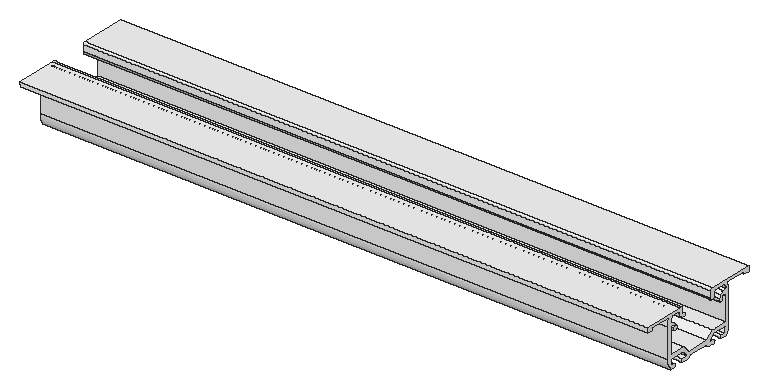
Revit family "ARKOSLIGHT_Track 1L Recessed", category Lighting Fixtures, host Face, Revit 2019
Family settings
  Host = Face
  Round Connector Dimension = Use Diameter
  Part Type = Normal
  Cut with Voids When Loaded = No
  Light Source = No
  Shared = No
  Room Calculation Point = No
Parameters (values of type "A2641X00B - TRACK 1L RECESSED XM B")
  URL = "https://www.arkoslight.com/en/product/acctrack1l-es/"
  Model = ARKOSLIGHT_Model  # "ACCESSORIES"
  Manufacturer = "ARKOSLIGHT"  # constant formula
  Length [instance] = 250 mm
  Description = "Select the number and length of profiles suitable for the defined length"
  ARKOSLIGHT_Series = "ACCESORIOS TRACK 1L"  # constant formula
  ARKOSLIGHT_Reference = "A2641X00B"
  ARKOSLIGHT_Model = "ACCESSORIES"  # constant formula
  ARKOSLIGHT_Dimming = "No"  # constant formula
  ARKOSLIGHT_Color = "White"
  ARKOSLIGHT_Fixture Type = "ACCESSORIES"  # constant formula
  Default Elevation = 0 mm
  Apparent Load = 0 VA  # constant formula
  ARKOSLIGHT_Body Color = ARKOSLIGHT_White
Types (2, lengths in mm): name | ARKOSLIGHT_Color | ARKOSLIGHT_Body Color
  A2641X00B - TRACK 1L RECESSED XM B | "White" | ARKOSLIGHT_White
  A2641X00N - TRACK 1L RECESSED XM N | "Black" | ARKOSLIGHT_Black
Reference planes
  plane 1 "Center (Front/Back)": y = 0
  plane 2: z = 0
  plane 3 "Center (Left/Right)": x = 0
  plane 4: x = 125
  plane 5: x = -125
  plane 6: y = 15
  plane 7: y = -15
  plane 8: z = 2
  plane 9: y = 25
  plane 10: y = -25
Forms (mm)
  Extrusion 1, solid, material "ARKOSLIGHT_White" <- "ARKOSLIGHT_Body Color"
    sketch origin (-125, -221.408, 1198.001) x (0, -1, 0) y (0, 0, -1)
      loop
        arc (-236.408, 1200.001) -> (-236.268, 1198.524) -> (-235.854, 1197.101) r 7.869
        line (-235.854, 1197.101) -> (-244.408, 1197.101) -> (-244.408, 1198.001) -> (-246.408, 1198.001) -> (-246.408, 1196.001) -> (-228.553, 1196.001)
        arc (-228.553, 1196.001) -> (-228.097, 1196.189) -> (-227.908, 1196.645) r 0.645
        line (-227.908, 1196.645) -> (-227.908, 1199.421)
        arc (-227.908, 1199.421) -> (-228.508, 1200.021) -> (-229.108, 1199.421) r 0.6
        line (-229.108, 1199.421) -> (-229.108, 1197.8)
        arc (-229.108, 1197.8) -> (-229.283, 1197.376) -> (-229.708, 1197.2) r 0.6
        line (-229.708, 1197.2) -> (-234.52, 1197.2) -> (-235.011, 1198.808)
        arc (-235.011, 1198.808) -> (-234.737, 1199.318) -> (-234.194, 1199.519) r 0.817
        arc (-234.194, 1199.519) -> (-233.494, 1199.912) -> (-232.922, 1200.477) r 3.018
        arc (-232.922, 1200.477) -> (-232.602, 1200.972) -> (-232.35, 1201.504) r 4.433
        arc (-232.35, 1201.504) -> (-232.198, 1202.086) -> (-232.522, 1202.592) r 0.751
        arc (-232.522, 1202.592) -> (-233.264, 1202.579) -> (-233.277, 1201.837) r 0.534
        arc (-233.277, 1201.837) -> (-233.285, 1200.974) -> (-233.961, 1200.435) r 1.005
        arc (-233.961, 1200.435) -> (-234.772, 1200.771) -> (-235.108, 1201.582) r 1.147
        line (-235.108, 1201.582) -> (-235.108, 1210.8) -> (-228.608, 1210.8) -> (-225.908, 1213.5) -> (-216.907, 1213.5) -> (-214.207, 1210.8) -> (-207.707, 1210.8) -> (-207.707, 1201.582)
        arc (-207.707, 1201.582) -> (-208.043, 1200.771) -> (-208.854, 1200.435) r 1.147
        arc (-208.854, 1200.435) -> (-209.53, 1200.974) -> (-209.538, 1201.837) r 1.005
        arc (-209.538, 1201.837) -> (-209.551, 1202.579) -> (-210.293, 1202.592) r 0.534
        arc (-210.293, 1202.592) -> (-210.617, 1202.086) -> (-210.465, 1201.504) r 0.751
        arc (-210.465, 1201.504) -> (-210.213, 1200.972) -> (-209.893, 1200.477) r 4.433
        arc (-209.893, 1200.477) -> (-209.321, 1199.912) -> (-208.621, 1199.519) r 3.018
        arc (-208.621, 1199.519) -> (-208.078, 1199.318) -> (-207.804, 1198.808) r 0.817
        line (-207.804, 1198.808) -> (-208.295, 1197.187) -> (-211.625, 1197.187)
        arc (-211.625, 1197.187) -> (-212.045, 1197.361) -> (-212.219, 1197.781) r 0.594
        arc (-212.219, 1197.781) -> (-212.733, 1199.343) -> (-214.307, 1199.816) r 1.778
        arc (-214.307, 1199.816) -> (-214.915, 1199.208) -> (-214.307, 1198.6) r 0.608
        line (-214.307, 1198.6) -> (-213.423, 1198.6) -> (-213.423, 1196.645)
        arc (-213.423, 1196.645) -> (-213.234, 1196.189) -> (-212.778, 1196.001) r 0.645
        line (-212.778, 1196.001) -> (-196.408, 1196.001) -> (-196.408, 1198.001) -> (-198.408, 1198.001) -> (-198.408, 1197.101) -> (-206.961, 1197.101)
        arc (-206.961, 1197.101) -> (-206.547, 1198.524) -> (-206.408, 1200.001) r 7.869
        line (-206.408, 1200.001) -> (-206.408, 1212)
        arc (-206.408, 1212) -> (-206.741, 1214.103) -> (-207.707, 1216) r 6.804
        line (-207.707, 1216) -> (-209.379, 1216)
        arc (-209.379, 1216) -> (-210.029, 1215.35) -> (-209.379, 1214.7) r 0.65
        line (-209.379, 1214.7) -> (-208.32, 1214.7)
        arc (-208.32, 1214.7) -> (-207.883, 1213.531) -> (-207.679, 1212.3) r 6.441
        line (-207.679, 1212.3) -> (-213.586, 1212.3) -> (-215.986, 1214.7) -> (-213.97, 1214.7)
        arc (-213.97, 1214.7) -> (-213.32, 1215.35) -> (-213.97, 1216) r 0.65
        line (-213.97, 1216) -> (-215.59, 1216)
        arc (-215.59, 1216) -> (-216.573, 1215.731) -> (-217.282, 1215) r 1.932
        line (-217.282, 1215) -> (-225.533, 1215)
        arc (-225.533, 1215) -> (-226.242, 1215.731) -> (-227.225, 1216) r 1.932
        line (-227.225, 1216) -> (-228.845, 1216)
        arc (-228.845, 1216) -> (-229.495, 1215.35) -> (-228.845, 1214.7) r 0.65
        line (-228.845, 1214.7) -> (-226.829, 1214.7) -> (-229.229, 1212.3) -> (-235.136, 1212.3)
        arc (-235.136, 1212.3) -> (-234.932, 1213.531) -> (-234.495, 1214.7) r 6.441
        line (-234.495, 1214.7) -> (-233.436, 1214.7)
        arc (-233.436, 1214.7) -> (-232.786, 1215.35) -> (-233.436, 1216) r 0.65
        line (-233.436, 1216) -> (-235.108, 1216)
        arc (-235.108, 1216) -> (-236.074, 1214.103) -> (-236.408, 1212) r 6.804
        line (-236.408, 1212) -> (-236.408, 1200.001)
    from 0 to 250
  Extrusion 2, void
    sketch origin (0, 0, 0) x (1, 0, 0) y (0, 1, 0)
      loop
        line (-125, 15) -> (-125, -15) -> (125, -15) -> (125, 15) -> (-125, 15)
    from 0 to -25
Dimensions and locks
  "Length": plane 5 to plane 4
  equal spacing: plane 5, plane 3 "Center (Left/Right)", plane 4
  equal spacing: plane 6, plane 1 "Center (Front/Back)", plane 7
  locked: plane 6 to plane 7 at 30
  locked: plane 8 to plane 2 at 2
  equal spacing: plane 10, plane 1 "Center (Front/Back)", plane 9
  locked: plane 10 to plane 9 at 50
  aligned and locked: plane 2 to host face
  aligned and locked: level to host face
  aligned and locked: Extrusion 2 sketch curve to plane 6
  aligned and locked: plane 5 to Extrusion 2 sketch curve
  aligned and locked: plane 7 to Extrusion 2 sketch curve
  aligned and locked: plane 4 to Extrusion 2 sketch curve
  aligned and locked: Extrusion 1 to plane 4
Automatic sketch dimensions
  host sketch curve to host sketch curve = 1677.042 mm
  host sketch curve to host sketch curve = 1105.173 mm
  Extrusion 1 sketch curve to plane 6 = 0 mm
  Extrusion 1 sketch curve to plane 7 = 0 mm
  Extrusion 1 sketch curve to plane 6 = 0.067 mm
  plane 8 to Extrusion 1 sketch curve = 1.1 mm
  Extrusion 1 sketch curve to plane 6 = 8 mm
  Extrusion 1 sketch curve to Extrusion 1 sketch curve = 2 mm  (x2)
  plane 6 to Extrusion 1 sketch curve = 1.098 mm
  plane 6 to Extrusion 1 sketch curve = 1.272 mm
  plane 6 to Extrusion 1 sketch curve = 1.3 mm  (x2)
  plane 8 to Extrusion 1 sketch curve = 1.2 mm
  Extrusion 1 sketch curve to Extrusion 1 sketch curve = 0.613 mm
  Extrusion 1 sketch curve to Extrusion 1 sketch curve = 0.81 mm  (x2)
  Extrusion 1 sketch curve to Extrusion 1 sketch curve = 0.919 mm
  Extrusion 1 sketch curve to Extrusion 1 sketch curve = 0.227 mm  (x2)
  Extrusion 1 sketch curve to Extrusion 1 sketch curve = 1.671 mm
  Extrusion 1 sketch curve to Extrusion 1 sketch curve = 1.021 mm  (x2)
  Extrusion 1 sketch curve to Extrusion 1 sketch curve = 0.053 mm  (x2)
  Extrusion 1 sketch curve to Extrusion 1 sketch curve = 3.833 mm
  Extrusion 1 sketch curve to Extrusion 1 sketch curve = 0.374 mm  (x2)
  Extrusion 1 sketch curve to Extrusion 1 sketch curve = 0.6 mm
  Extrusion 1 sketch curve to Extrusion 1 sketch curve = 0.384 mm
  Extrusion 1 sketch curve to Extrusion 1 sketch curve = 0.52 mm  (x2)
  Extrusion 1 sketch curve to Extrusion 1 sketch curve = 0.101 mm  (x2)
  Extrusion 1 sketch curve to Extrusion 1 sketch curve = 0.555 mm
  Extrusion 1 sketch curve to Extrusion 1 sketch curve = 0.57 mm
  Extrusion 1 sketch curve to Extrusion 1 sketch curve = 0.03 mm  (x2)
  Extrusion 1 sketch curve to Extrusion 1 sketch curve = 1.62 mm  (x2)
  Extrusion 1 sketch curve to Extrusion 1 sketch curve = 0.396 mm  (x2)
  Extrusion 1 sketch curve to Extrusion 1 sketch curve = 1.317 mm
  Extrusion 1 sketch curve to Extrusion 1 sketch curve = 1.296 mm  (x2)
  Extrusion 1 sketch curve to plane 1 "Center (Front/Back)" = 4.125 mm
  Extrusion 1 sketch curve to Extrusion 1 sketch curve = 0.375 mm
  Extrusion 1 sketch curve to plane 1 "Center (Front/Back)" = 7.101 mm
  Extrusion 1 sketch curve to Extrusion 1 sketch curve = 1.383 mm
  Extrusion 1 sketch curve to Extrusion 1 sketch curve = 0.333 mm
  Extrusion 1 sketch curve to Extrusion 1 sketch curve = 0.551 mm
  Extrusion 1 sketch curve to plane 8 = 0 mm  (x2)
  Extrusion 1 sketch curve to Extrusion 1 sketch curve = 0.645 mm
  Extrusion 1 sketch curve to Extrusion 1 sketch curve = 1.153 mm
  Extrusion 1 sketch curve to plane 7 = 3.521 mm
  Extrusion 1 sketch curve to plane 7 = 2.971 mm
  Extrusion 1 sketch curve to Extrusion 1 sketch curve = 0.24 mm
  Extrusion 1 sketch curve to Extrusion 1 sketch curve = 1.059 mm
  Extrusion 1 sketch curve to Extrusion 1 sketch curve = 0.319 mm
  Extrusion 1 sketch curve to plane 7 = 1.3 mm  (x2)
  Extrusion 1 sketch curve to plane 7 = 1.272 mm
  Extrusion 1 sketch curve to Extrusion 1 sketch curve = 0.202 mm
  Extrusion 1 sketch curve to plane 7 = 0.554 mm
  plane 7 to Extrusion 1 sketch curve = 0.067 mm
  plane 8 to Extrusion 1 sketch curve = 2 mm
  plane 7 to Extrusion 1 sketch curve = 8 mm
  Extrusion 1 sketch curve to Extrusion 1 sketch curve = 0.9 mm
  Extrusion 1 sketch curve to Extrusion 1 sketch curve = 1.424 mm
  Extrusion 1 sketch curve to Extrusion 1 sketch curve = 0.531 mm
  plane 8 to Extrusion 1 sketch curve = 2.701 mm
  Extrusion 1 sketch curve to Extrusion 1 sketch curve = 1.501 mm
  Extrusion 1 sketch curve to Extrusion 1 sketch curve = 0.106 mm  (x2)
  Extrusion 1 sketch curve to Extrusion 1 sketch curve = 0.608 mm
  Extrusion 1 sketch curve to Extrusion 1 sketch curve = 1.621 mm
  Extrusion 1 sketch curve to Extrusion 1 sketch curve = 0.185 mm
  Extrusion 1 sketch curve to Extrusion 1 sketch curve = 1.413 mm  (x2)
  Extrusion 1 sketch curve to Extrusion 1 sketch curve = 0.168 mm  (x2)
  Extrusion 1 sketch curve to Extrusion 1 sketch curve = 0.386 mm  (x2)
  Extrusion 1 sketch curve to Extrusion 1 sketch curve = 0.233 mm  (x2)
  Extrusion 1 sketch curve to Extrusion 1 sketch curve = 0.74 mm  (x2)
  Extrusion 1 sketch curve to Extrusion 1 sketch curve = 0.807 mm  (x2)
  Extrusion 1 sketch curve to Extrusion 1 sketch curve = 8.599 mm  (x2)
  Extrusion 1 sketch curve to Extrusion 1 sketch curve = 1.07 mm  (x2)
  Extrusion 1 sketch curve to Extrusion 1 sketch curve = 0.13 mm  (x2)
  Extrusion 1 sketch curve to Extrusion 1 sketch curve = 0.3 mm  (x3)
  Extrusion 1 sketch curve to Extrusion 1 sketch curve = 1.63 mm
  Extrusion 1 sketch curve to Extrusion 1 sketch curve = 0.568 mm  (x2)
  Extrusion 1 sketch curve to Extrusion 1 sketch curve = 0.632 mm  (x2)
  Extrusion 1 sketch curve to Extrusion 1 sketch curve = 1.136 mm
  Extrusion 1 sketch curve to Extrusion 1 sketch curve = 0.007 mm
  Extrusion 1 sketch curve to Extrusion 1 sketch curve = 0.338 mm  (x2)
  Extrusion 1 sketch curve to Extrusion 1 sketch curve = 1.039 mm  (x2)
  Extrusion 1 sketch curve to Extrusion 1 sketch curve = 0.364 mm  (x2)
  Extrusion 1 sketch curve to Extrusion 1 sketch curve = 0.59 mm
  Extrusion 1 sketch curve to Extrusion 1 sketch curve = 0.843 mm
  Extrusion 1 sketch curve to Extrusion 1 sketch curve = 1.334 mm
  Extrusion 1 sketch curve to Extrusion 1 sketch curve = 0.554 mm
  Extrusion 1 sketch curve to Extrusion 1 sketch curve = 3.214 mm
